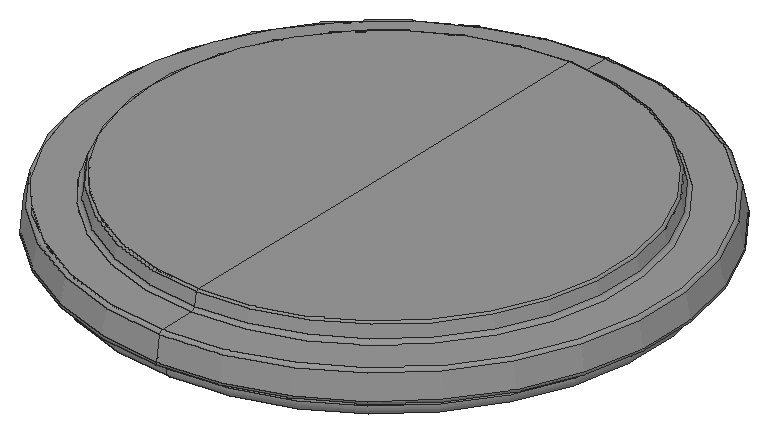
Revit family "FMK13_63_UN_Surface-mounted_ETK", category Lighting Fixtures, Revit 2017 (continued)
Definition of nested family "FMK.1 - Lightsource"
  Types (13, lengths in mm): name | Wattage Comments | Photometric Web File | built-in parameter 1150142 | Apparent Load
      .8598\t146.5115\r\n118.8706\t92.3383\t68.1276\t9.3171\t0\t0\r\n874.5378\t873.9175\t872.3779\t868.9503\t865.1676\t859.9765\t853.6949\t846.5768\t838.0287\t828.8368\r\n818.3167\t806.7896\t794.3636\t780.7231\t765.982\t750.1804\t733.3105\t715.6055\t696.7401\t676.9547\r\n656.4176\t635.157\t613.278\t590.1539\t565.7998\t540.6402\t515.0804\t488.9203\t462.524\t435.1971\r\n407.7246\t379.8676\t352.0546\t322.1473\t291.9089\t261.8783\t232.5325\t203.3486\t174.3388\t147.0682\r\n118.7382\t92.1099\t67.0483\t43.2383\t0\t0\r\n874.5378\t873.9334\t872.4246\t869.3452\t865.2787\t860.0667\t853.7655\t846.6117\t837.9682\t828.5454\r\n818.0558\t806.6887\t794.307\t780.6901\t766.011\t750.3709\t733.4538\t715.8664\t697.1883\t677.4884\r\n656.9203\t635.4375\t613.0895\t590.1056\t566.1701\t541.8378\t516.5027\t490.0542\t462.9828\t435.4052\r\n407.3938\t379.067\t350.3\t321.3812\t292.9522\t263.2956\t232.6391\t202.9178\t174.1166\t145.6013\r\n118.7796\t91.9591\t66.4248\t41.4073\t0\t0\r\n874.5378\t873.947\t872.4625\t869.4116\t865.7616\t860.1917\t853.8846\t846.7134\t837.9955\t828.5499\r\n818.0451\t806.3864\t793.9462\t780.3077\t765.8461\t750.2699\t733.3784\t715.848\t697.1776\t677.5906\r\n657.1561\t635.9826\t613.7896\t590.8444\t566.87\t541.8944\t516.582\t490.5636\t463.7077\t436.7692\r\n408.5758\t379.6875\t350.3553\t320.8016\t291.246\t261.9299\t232.7344\t204.2087\t174.0866\t145.2427\r\n117.7635\t91.6516\t66.4814\t37.4981\t2.8322\t0\r\n874.5378\t873.9582\t872.4918\t869.4632\t865.8595\t860.6426\t854.3434\t847.2064\t838.113\t828.667\r\n818.1733\t806.4333\t793.9155\t780.1986\t765.4431\t749.8349\t732.9491\t715.3369\t696.6975\t677.3617\r\n657.0165\t635.8628\t613.7809\t590.9523\t567.1063\t542.5203\t517.2499\t491.4046\t464.4931\t438.1441\r\n409.014\t380.2252\t351.1283\t321.6166\t291.954\t262.141\t232.0286\t202.521\t173.5147\t145.5857\r\n118.0182\t90.8146\t66.089\t32.9056\t16.0788\t0\r\n874.5378\t873.9669\t872.5119\t869.4994\t865.9235\t860.7336\t854.4679\t847.3617\t838.5356\t829.1396\r\n818.7172\t806.902\t794.3321\t780.5775\t765.5202\t749.8838\t732.9816\t715.2293\t696.5489\t676.9911\r\n656.6095\t635.341\t613.1825\t590.2794\t566.5205\t541.9259\t516.7035\t490.7729\t464.0737\t437.996\r\n409.0361\t380.6701\t351.7751\t322.3888\t292.6678\t262.9546\t233.1098\t203.3714\t173.7676\t145.0215\r\n117.0128\t90.2901\t66.2525\t31.2802\t14.1792\t0\r\n874.5378\t873.9731\t872.5233\t869.5205\t865.9533\t860.7822\t854.5331\t847.4242\t838.6217\t829.2416\r\n818.8479\t807.0426\t794.4546\t780.699\t765.8783\t750.262\t733.3881\t715.5519\t696.8817\t677.3517\r\n656.9619\t635.6228\t613.3851\t590.3905\t566.6775\t541.9891\t516.7234\t490.4951\t463.8178\t436.6018\r\n408.4872\t380.0905\t351.1162\t321.7058\t292.0773\t262.2947\t232.3966\t202.7422\t173.4346\t144.7683\r\n116.9489\t90.1691\t64.9544\t29.757\t11.9206\t8.2894\r\n874.5378\t873.977\t872.5255\t869.5264\t865.9488\t860.7879\t854.5388\t847.3937\t838.6274\t829.223\r\n818.8013\t807.0163\t794.3839\t780.5902\t765.508\t749.8853\t733.0798\t715.2814\t696.6305\t677.1538\r\n656.761\t635.4449\t613.1832\t590.2663\t566.5483\t541.9108\t516.8387\t490.8237\t464.1305\t437.9308\r\n408.9803\t380.5756\t351.6883\t322.2961\t292.7174\t262.9199\t233.06\t203.4103\t173.844\t145.1896\r\n117.1148\t90.3675\t63.427\t27.5124\t15.1312\t0\r\n874.5378\t873.9788\t872.5186\t869.5173\t865.9096\t860.7512\t854.4852\t847.2699\t838.2953\t828.8334\r\n818.342\t806.6627\t794.0228\t780.2256\t765.4141\t749.834\t733.1421\t715.4416\t696.8614\t677.6637\r\n657.3156\t636.06\t613.7774\t590.9371\t567.1891\t542.5667\t517.5589\t491.5417\t464.691\t438.243\r\n409.1526\t380.4136\t351.45\t321.9325\t292.4493\t262.4028\t232.2522\t202.7398\t173.6808\t145.7325\r\n117.9952\t90.7372\t60.352\t33.173\t18.9772\t0\r\n874.5378\t873.9778\t872.5029\t869.493\t865.8362\t860.3544\t854.0989\t846.8077\t838.2698\t828.7984\r\n818.2948\t806.7331\t794.1119\t780.3538\t765.7531\t750.2325\t733.6532\t716.0075\t697.4288\t678.0446\r\n657.6409\t636.3501\t614.022\t591.0646\t567.2182\t542.4063\t517.1673\t490.9688\t464.287\t437.3011\r\n409.0735\t380.035\t350.9205\t321.3021\t291.8372\t262.2846\t233.149\t204.4428\t174.3018\t145.4885\r\n117.9225\t91.6685\t62.5208\t38.0593\t3.4579\t0\r\n874.5378\t873.9746\t872.4784\t869.4538\t865.3784\t860.283\t854.0495\t846.7367\t838.3337\t828.8753\r\n818.3851\t807.1567\t794.5213\t780.7588\t765.9708\t750.4386\t733.8756\t716.1789\t697.5868\t678.1163\r\n657.6119\t636.0367\t613.6703\t590.8022\t567.1021\t542.7619\t517.4401\t490.9663\t463.8758\t436.1167\r\n408.1205\t379.6463\t350.9842\t322.1351\t293.6293\t263.9005\t233.2108\t203.3702\t174.5585\t145.8369\r\n118.8652\t92.1883\t65.722\t42.1865\t0\t0\r\n874.5378\t873.9689\t872.4452\t869.0867\t865.2894\t860.246\t854.0465\t846.7328\t838.4838\t829.2421\r\n818.7199\t807.3816\t794.7066\t780.9222\t766.1144\t750.5594\t733.9659\t716.1432\t697.3688\t677.8244\r\n657.4026\t636.1448\t614.1432\t591.3027\t567.203\t541.7706\t516.3149\t490.0711\t463.6067\t435.926\r\n408.698\t380.8243\t353.0382\t323.0686\t292.7035\t262.6791\t233.3633\t204.0566\t174.7775\t147.3393\r\n119.0712\t92.6315\t67.9046\t45.161\t0\t0\r\n874.5378\t873.9609\t872.4035\t869.0374\t865.2229\t860.2418\t854.0877\t846.7962\t838.8793\t829.4067\r\n818.86\t807.5966\t794.8216\t781.0076\t766.1962\t750.5157\t733.7524\t716.0085\t697.4963\t678.4958\r\n658.0306\t636.3673\t613.1939\t590.1919\t566.1255\t541.3753\t516.2963\t490.5016\t464.4197\t437.3564\r\n410.7641\t381.423\t351.8654\t322.1766\t292.7352\t263.6748\t233.527\t204.2327\t176.2551\t147.0742\r\n119.5606\t93.0248\t68.7803\t9.4833\t0\t0\r\n874.5378\t873.9508\t872.3536\t869.0007\t865.1788\t860.2693\t854.17\t847.0633\t839.0296\t829.5072\r\n819.0503\t807.6609\t794.8623\t781.0041\t766.0112\t750.3218\t733.9679\t716.7867\t698.0525\t678.2815\r\n656.9416\t635.1521\t612.7048\t589.8901\t566.1084\t541.9494\t517.1613\t491.8934\t466.5909\t438.3611\r\n408.9694\t380.5592\t351.8135\t322.867\t293.723\t263.2964\t234.1013\t205.7651\t175.7913\t147.3807\r\n119.7111\t93.5454\t69.2399\t0\t0\t0\r\n874.5378\t873.9384\t871.9377\t868.9761\t865.1574\t860.3264\t854.45\t847.1859\t839.1219\t829.5813\r\n819.1242\t807.6341\t794.8336\t780.823\t766.1784\t750.9876\t734.6983\t716.6325\t696.9068\t677.0601\r\n656.2095\t634.8579\t612.7634\t590.1681\t566.96\t543.2316\t519.2458\t493.1656\t465.1597\t437.4802\r\n408.9133\t380.9682\t353.0332\t323.2628\t293.2823\t264.0848\t235.5313\t205.1134\t176.0698\t147.6612\r\n120.0997\t94.1336\t77.219\t0\t0\t0\r\n874.5378\t873.9237\t871.8891\t868.9635\t865.1599\t860.5875\t854.4203\t847.2729\t839.1707\t829.6225\r\n819.1467\t807.3422\t794.6719\t781.012\t766.9824\t751.1102\t734.2536\t715.3478\t696.2657\t676.671\r\n656.1078\t635.1426\t613.363\t591.0529\t568.5727\t544.9954\t518.3669\t491.6416\t464.5635\t437.4231\r\n409.8609\t382.2833\t352.4484\t323.0813\t294.0333\t265.5351\t234.859\t205.2741\t176.4733\t147.8147\r\n120.592\t94.7697\t20.3975\t0\t0\t0\r\n874.5378\t873.9069\t871.8462\t868.9622\t865.1867\t860.6619\t854.4798\t847.35\t839.175\t829.6322\r\n818.9305\t807.3204\t794.7864\t781.7818\t766.9799\t750.1819\t733.0515\t714.8962\t696.0896\t676.7736\r\n656.574\t635.9452\t614.5512\t593.1203\t569.3971\t543.4377\t517.6236\t491.2766\t464.8901\t438.2239\r\n411.0389\t381.4639\t352.5273\t323.8568\t295.5649\t264.7117\t234.9669\t206.1128\t176.4587\t148.1728\r\n121.1475\t95.3429\t0\t0\t0\t0\r\n874.5378\t873.888\t871.8085\t868.9719\t865.4783\t860.7205\t854.5329\t847.4153\t839.1407\t829.6123\r\n818.9091\t807.4476\t795.424\t781.6948\t765.9445\t749.6137\t732.5543\t714.9076\t696.3763\t677.2287\r\n657.4158\t637.049\t616.4251\t592.3393\t567.674\t542.8985\t517.5289\t491.7208\t466.3318\t438.9898\r\n410.1102\t381.6093\t353.3457\t325.4102\t294.7368\t264.8566\t235.7419\t205.8812\t176.7434\t148.6762\r\n121.7392\t104.3859\t0\t0\t0\t0\r\n874.5378\t873.8669\t871.7765\t869.0411\t865.5428\t860.7626\t854.5825\t847.4711\t839.0748\t829.4742\r\n819.0148\t808.1995\t795.2966\t780.7201\t765.3025\t749.2742\t732.4482\t715.0991\t696.7823\t677.9705\r\n658.6816\t638.5692\t615.2935\t591.3649\t567.178\t542.7068\t517.9269\t493.2946\t466.0359\t438.1726\r\n410.1754\t382.4172\t354.9371\t324.6283\t294.656\t265.2881\t235.787\t205.9863\t177.0189\t149.1951\r\n122.3416\t65.0541\t0\t0\t0\t0\r\n874.5378\t873.8441\t871.7498\t869.0629\t865.6026\t860.7879\t854.6313\t847.5145\t838.7697\t829.5526\r\n819.6703\t808.2392\t794.431\t780.2241\t764.9396\t749.1763\t732.7001\t715.477\t697.6049\t679.204\r\n660.1767\t637.3488\t614.455\t591.0839\t567.3099\t543.1508\t519.5047\t493.0934\t465.5744\t438.1404\r\n410.9263\t384.0134\t354.2434\t324.4076\t295.0481\t266.1412\t235.5757\t206.027\t177.4976\t149.7206\r\n122.8394\t0\t0\t0\t0\t0\r\n874.5378\t873.8193\t871.7287\t869.09\t865.6566\t860.7971\t854.6804\t847.5832\t838.7769\t829.7038\r\n819.7571\t807.957\t793.9167\t779.8365\t764.831\t749.3258\t733.1674\t716.2153\t698.8605\t680.664\r\n658.8685\t636.6472\t614.1125\t591.1727\t567.7811\t544.6978\t518.9383\t492.3961\t465.9146\t438.7951\r\n412.3972\t383.5506\t353.8593\t324.6233\t296.0825\t265.6276\t235.629\t206.3045\t177.849\t150.1762\r\n134.3964\t0\t0\t0\t0\t0\r\n874.5378\t873.4672\t871.7274\t869.2956\t865.7035\t860.7936\t854.7883\t847.3825\t838.8774\t830.3563\r\n819.5862\t806.9481\t793.5541\t779.5287\t764.9091\t749.6363\t733.7737\t717.3249\t700.2917\t679.4111\r\n658.0777\t636.4054\t614.2434\t591.7218\t569.4281\t544.9718\t518.4085\t492.3286\t466.2105\t440.33\r\n412.7811\t382.9961\t353.9558\t325.1714\t295.8615\t265.4456\t235.6806\t206.6048\t178.3224\t150.6523\r\n102.5785\t0\t0\t0\t0\t0\r\n874.5378\t873.4401\t871.7173\t869.3238\t865.7422\t860.6902\t854.8057\t847.3843\t839.0644\t830.3913\r\n819.2263\t806.4739\t793.3232\t779.4771\t765.204\t750.1048\t734.6134\t719.0413\t699.1946\t678.7572\r\n657.7786\t636.4548\t614.6839\t592.7981\t569.8036\t543.9429\t518.4299\t492.6408\t467.1164\t441.3222\r\n412.1629\t382.9242\t354.363\t326.1609\t295.3978\t265.2908\t235.8091\t206.9694\t178.714\t151.0816\r\n16.4563\t0\t0\t0\t0\t0\r\n874.5378\t873.4138\t871.7116\t869.3449\t865.7715\t860.6743\t854.8\t847.4247\t839.8289\t830.2631\r\n818.3839\t806.0908\t793.2106\t779.6495\t765.608\t750.8133\t736.2676\t719.0038\t698.588\t678.3132\r\n657.7516\t636.7851\t615.5568\t593.9746\t569.0263\t543.7566\t518.5811\t493.5773\t468.5791\t440.235\r\n411.6646\t383.3361\t355.0529\t325.4861\t295.2001\t265.2978\t235.9889\t207.2653\t179.1299\t167.2016\r\n0\t0\t0\t0\t0\t0\r\n874.5378\t873.388\t871.7103\t869.359\t865.767\t860.6714\t854.5941\t847.4902\t839.9802\t829.9556\r\n818.0476\t805.8549\t793.231\t779.9196\t766.068\t751.7019\t736.6128\t717.4846\t698.1579\t678.1017\r\n657.9609\t637.4431\t616.9957\t593.0905\t568.6514\t544.0453\t519.3199\t494.542\t468.1655\t439.7323\r\n411.6517\t383.6927\t355.7401\t325.0293\t294.9065\t265.33\t236.252\t207.6392\t179.5292\t147.6012\r\n0\t0\t0\t0\t0\t0\r\n874.5378\t873.3628\t871.7133\t869.367\t865.7819\t860.6818\t854.578\t847.6409\t839.976\t829.0769\r\n817.7793\t805.7366\t793.3272\t780.2618\t766.7399\t753.2234\t735.5318\t716.8703\t697.8507\t678.3095\r\n658.3671\t638.907\t616.998\t592.6721\t568.5879\t544.4314\t520.2455\t495.722\t467.4497\t439.6787\r\n411.8829\t384.7236\t354.8813\t324.6752\t294.8363\t265.4242\t236.4578\t207.9678\t179.89\t101.7886\r\n0\t0\t0\t0\t0\t0\r\n874.5378\t873.3375\t871.7202\t869.3695\t865.7893\t860.7046\t854.5941\t848.3207\t839.8153\t828.7458\r\n817.5538\t805.7674\t793.4941\t780.7405\t767.5979\t753.3675\t734.8562\t716.4755\t697.6867\t678.6478\r\n659.1287\t639.3353\t616.0295\t592.3993\t568.8247\t545.1214\t521.6963\t494.8084\t467.1388\t439.7214\r\n412.4404\t384.9496\t354.3622\t324.3689\t294.7738\t265.5882\t236.7596\t208.3304\t180.2762\t14.3458\r\n0\t0\t0\t0\t0\t0\r\n874.5378\t873.2157\t871.7309\t869.33\t865.7893\t860.7906\t854.6412\t848.3993\t839.5608\t828.5127\r\n817.4249\t805.9432\t793.8046\t781.3431\t768.8548\t752.181\t734.4669\t716.2654\t697.7852\t679.0607\r\n660.5185\t638.5479\t615.5744\t592.4752\t569.1731\t545.9695\t521.9924\t494.2744\t467.1502\t440.0085\r\n413.5179\t384.0228\t353.9409\t324.1965\t294.7825\t265.7218\t237.0205\t208.6863\t194.1384\t0\r\n0\t0\t0\t0\t0\t0\r\n874.5378\t873.1924\t871.745\t869.3283\t865.7799\t860.7988\t854.7231\t848.3936\t838.7774\t828.3145\r\n817.3768\t806.1061\t794.2351\t781.9807\t768.9503\t751.6461\t734.0825\t716.2074\t698.1391\t679.6529\r\n660.7903\t638.0973\t615.377\t592.6746\t569.8192\t547.1783\t520.8821\t494.0849\t467.2355\t440.5474\r\n413.7126\t383.4197\t353.6014\t324.0653\t294.8182\t265.8952\t237.2953\t209.0075\t169.1819\t0\r\n0\t0\t0\t0\t0\t0\r\n874.5378\t873.1708\t871.7622\t869.329\t865.7603\t860.623\t854.8597\t848.3078\t838.4811\t828.1598\r\n817.403\t806.2636\t794.7961\t783.3288\t768.6331\t751.0938\t733.9027\t716.4132\t698.489\t681.0259\r\n659.8625\t637.7241\t615.4549\t593.0025\t570.622\t547.2896\t520.3677\t493.889\t467.5628\t441.6476\r\n412.8069\t382.9351\t353.3115\t323.9564\t294.9005\t266.0943\t237.5632\t209.3026\t127.1484\t0\r\n0\t0\t0\t0\t0\t0\r\n874.5378\t873.1512\t871.7825\t869.3328\t865.7147\t860.6208\t855.0068\t848.1421\t838.2169\t828.0623\r\n817.4834\t806.5411\t795.3501\t783.7165\t767.4221\t750.7458\t733.9114\t716.5965\t699.1549\t681.2032\r\n659.4166\t637.5405\t615.5658\t593.5672\t571.8032\t546.309\t520.1304\t494.0232\t467.8999\t441.9911\r\n412.2266\t382.5708\t353.1215\t323.9378\t294.9995\t266.2751\t237.8466\t209.651\t34.2374\t0\r\n0\t0\t0\t0\t0\t0\r\n874.5378\t873.1334\t871.9802\t869.3402\t865.6805\t860.6232\t855.6352\t847.9462\t837.9798\t828.016\r\n817.6158\t806.9059\t795.8526\t783.7703\t767.0072\t750.5842\t733.8593\t717.0488\t700.3163\t681.0484\r\n659.002\t637.4867\t615.8834\t594.1586\t571.9661\t545.8396\t520.0141\t494.1559\t468.473\t441.8125\r\n411.6292\t382.2166\t352.9923\t323.9438\t295.1128\t266.5115\t238.1403\t227.6042\t1.4798\t0\r\n0\t0\t0\t0\t0\t0\r\n874.5378\t873.1175\t872.0446\t869.3521\t865.6452\t860.6314\t855.6067\t847.2278\t837.7973\t828.0021\r\n817.8095\t807.2626\t797.0688\t782.7336\t766.7002\t750.4991\t734.0522\t717.3901\t700.8602\t680.0024\r\n658.904\t637.5229\t616.2006\t595.356\t571.0708\t545.4832\t519.9965\t494.5633\t469.3931\t440.5303\r\n411.2081\t381.9594\t352.8224\t323.9242\t295.2425\t266.7272\t238.3997\t210.052\t0\t0\r\n0\t0\t0\t0\t0\t0\r\n874.5378\t873.1036\t872.0642\t869.3685\t865.6115\t860.6431\t855.5678\t847.0795\t837.6242\t828.0355\r\n818.0191\t807.6752\t797.3979\t782.2034\t766.565\t750.4455\t734.3476\t717.9317\t700.7877\t679.7333\r\n658.7889\t637.884\t616.6944\t595.6072\t570.5111\t545.3336\t520.0838\t494.9016\t469.5228\t440.0782\r\n410.7192\t381.61\t352.7334\t323.9641\t295.3415\t266.8894\t238.6194\t181.4802\t0\t0\r\n0\t0\t0\t0\t0\t0\r\n874.5378\t873.0917\t872.0791\t869.4099\t865.5746\t860.6565\t855.4951\t846.8496\t837.5359\t828.0866\r\n818.2378\t808.1526\t797.3835\t781.9041\t766.3609\t750.628\t734.5581\t719.1373\t699.913\t679.4029\r\n658.8668\t638.1377\t617.4488\t595.6214\t570.1478\t545.2099\t520.274\t495.2999\t469.1716\t439.4964\r\n410.3924\t381.4989\t352.6823\t323.9587\t295.4397\t267.0881\t238.8428\t144.1059\t0\t0\r\n0\t0\t0\t0\t0\t0\r\n874.5378\t873.0818\t872.0885\t869.4292\t865.5552\t860.6428\t855.4234\t846.5473\t837.5746\t828.1119\r\n818.5424\t808.5824\t797.2617\t781.5603\t766.3478\t750.788\t735.0502\t719.3104\t699.5968\t679.2584\r\n658.8849\t638.5206\t618.5192\t594.7653\t570.0729\t545.2426\t520.5589\t496.3596\t468.0283\t438.9424\r\n410.0281\t381.2846\t352.5975\t324.016\t295.5835\t267.2778\t264.5143\t51.7876\t0\t0\r\n0\t0\t0\t0\t0\t0\r\n874.5378\t873.0738\t872.0925\t869.4491\t865.5428\t860.685\t855.2893\t846.3211\t837.5389\t828.2139\r\n818.8308\t809.695\t796.2605\t781.3022\t766.3078\t751.0794\t735.562\t719.5135\t699.1814\t679.2489\r\n659.0774\t638.8797\t618.7821\t594.3995\t569.8075\t545.355\t520.9104\t496.4276\t467.4837\t438.6307\r\n409.8136\t381.1073\t352.4946\t324.0177\t295.6864\t267.4348\t260.3807\t21.4877\t0\t0\r\n0\t0\t0\t0\t0\t0\r\n874.5378\t873.0681\t872.0903\t869.4696\t865.3772\t860.7529\t855.1206\t846.1309\t837.4028\t828.4413\r\n819.0436\t810.0667\t795.8923\t781.1432\t766.2106\t751.2897\t736.1503\t719.481\t699.0698\t679.1974\r\n659.3571\t639.3832\t618.7602\t594.058\t569.7344\t545.4624\t521.0445\t496.0184\t466.9461\t438.2458\r\n409.5651\t381.0061\t352.5146\t324.1127\t295.8087\t267.5955\t249.1401\t0\t0\t0\r\n0\t0\t0\t0\t0\t0\r\n874.5378\t873.0644\t872.0816\t869.491\t865.3665\t861.4037\t854.8915\t845.9783\t837.3122\t828.5588\r\n819.3538\t810.128\t795.6939\t780.9813\t766.2491\t751.3988\t737.0689\t718.7025\t698.9835\t679.2725\r\n659.585\t639.9514\t618.5966\t593.9136\t569.7455\t545.5787\t522.0189\t495.0722\t466.3965\t437.7083\r\n409.2144\t380.8467\t352.4787\t324.1548\t295.9119\t267.7415\t232.4829\t0\t0\t0\r\n0\t0\t0\t0\t0\t0\r\n874.5378\t873.0627\t872.0662\t869.5619\t865.3675\t861.4813\t854.7347\t845.8179\t837.2641\t828.5514\r\n819.736\t810.1309\t795.4694\t780.9188\t766.29\t751.6191\t737.1738\t718.241\t698.9148\t679.3896\r\n659.8521\t640.7521\t617.6981\t593.8472\t569.8958\t545.9658\t522.4294\t494.5507\t465.9521\t437.4594\r\n409.0673\t380.6976\t352.3698\t324.1023\t295.9466\t267.8584\t211.8319\t0\t0\t0\r\n0\t0\t0\t0\t0\t0\r\n874.5378\t873.0632\t871.968\t869.5738\t865.3757\t861.518\t854.1968\t845.6319\t837.2051\t828.5928\r\n819.8937\t810.1359\t795.2618\t780.8873\t766.3701\t751.8618\t737.1924\t717.9124\t698.6572\t679.3697\r\n660.1058\t640.8816\t617.3338\t593.5982\t569.8688\t546.1501\t522.5484\t494.2469\t465.7775\t437.2977\r\n408.9126\t380.5875\t352.3371\t324.1558\t296.0321\t267.9481\t188.4299\t0\t0\t0\r\n0\t0\t0\t0\t0\t0\r\n874.5378\t873.0659\t871.9442\t869.5721\t865.3915\t861.4588\t854.0981\t845.5674\t837.0828\t828.6511\r\n820.0534\t809.8576\t795.1557\t780.89\t766.5678\t752.0766\t737.0148\t717.6336\t698.5808\t679.4711\r\n660.2355\t640.7368\t617.0185\t593.4382\t569.8584\t546.2934\t522.3795\t493.7472\t465.4037\t437.0908\r\n408.8144\t380.5887\t352.3837\t324.2173\t296.0989\t268.0258\t163.5022\t0\t0\t0\r\n0\t0\t0\t0\t0\t0\r\n874.5378\t873.0706\t871.9234\t869.5567\t865.4632\t861.4473\t853.9744\t845.6463\t837.0801\t828.6255\r\n820.8869\t808.8369\t794.8839\t780.8756\t766.7138\t752.497\t737.0024\t717.4146\t698.4595\t679.4575\r\n660.46\t640.7112\t616.7951\t593.3209\t569.8963\t546.4169\t522.0214\t493.2479\t465.032\t436.8232\r\n408.6251\t380.4595\t352.3175\t324.2201\t296.1581\t296.6392\t78.7455\t0\t0\t0\r\n0\t0\t0\t0\t0\t0\r\n874.5378\t873.0776\t871.9055\t869.5272\t865.4783\t861.4461\t853.782
